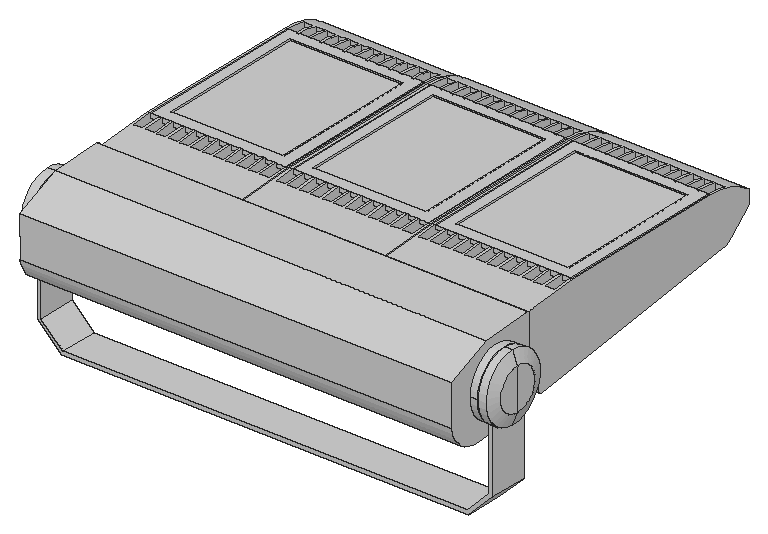
Revit family "0049119 Feilo Sylvania Lighting Fixture SYLVEO LED 20000LM WIDE 4K", category Lighting Fixtures, host Face, Revit 2017
Family settings
  Host = Face
  Round Connector Dimension = Use Diameter
  Part Type = Normal
  OmniClass Number = 23.80.70.00
  OmniClass Title = Lighting
  Cut with Voids When Loaded = No
  Light Source = No
  Shared = No
  Room Calculation Point = No
Parameters (values of type "0049119 SYLVEO LED 20000LM WIDE 4K")
  Weight = "11.472 kg"
  Wattage Comments = ""
  WarrantyStartDate [instance] = "n/a"
  WarrantyGuarantorParts = "n/a"
  WarrantyDurationUnit = "n/a"
  WarrantyDurationParts = "n/a"
  WarrantyDescription = "n/a"
  Voltage = 230 V
  URL = "http://www.sylvania-lighting.com"
  TypeName = "SYLVEO LED 20000LM WIDE 4K"
  TypeBody_FEILO = Sylveo Extra Large Body : 0049119 SYLVEO LED 20000LM WIDE 4K
  Type Image = <None>
  Type Comments = "n/a"
  TiltAngle_FEILO [instance] = 0.00°
  StartAngle_FEILO [instance] = EndAngle_FEILO + 180.00°  # 270.00°
  SerialNumber [instance] = "n/a"
  Material_3_FEILO = none
  PowerFactor = 0
  PowerConsumption = "200.5 W"
  NominalLength = 496 mm
  NominalHeight = 392 mm
  NominalDepth = 98 mm
  Name = "SYLVEO LED 20000LM WIDE 4K"
  ModelReference = Name  # "SYLVEO LED 20000LM WIDE 4K"
  ModelNumber = "0049119"
  Model = Name  # "SYLVEO LED 20000LM WIDE 4K"
  Material = "aluminium housing, glass diffuser"
  ManufacturerName = "Feilo Sylvania"
  Manufacturer = "Feilo Sylvania"
  LuminousEfficacy = "107.3 lm/W"
  LuminaireType = ""
  LightOutputRatio = "100"
  LampsType = Lamp  # "LED"
  LampNominalLuminous = "21514 lm"
  LampMacAdamStep = "6"
  LampColourTemperature = "4000 K"
  LampColourRenderingIndex = "70"
  Lamp = "LED"
  Keynote = "16500"
  InstallationDate [instance] = "n/a"
  InputVoltage = "100-240V~"
  InputNominalFrequency = "50 Hz"
  IngressProtection = "IP66"
  ImpactProtectionIndex = "IK08"
  IfcExportType = "IfcLightFixtureType"
  IfcExportAs = "IfcLightFixtureType"
  ExpectedLife = 50000
  EndAngle_FEILO [instance] = -TiltAngle_FEILO + 90.00°  # 90.00°
  ElectricShockClassification = "Class I"
  DurationUnit = "hours"
  DocumentationLiterature = "http://www.sylvania-lighting.com/product/en-int/products/0049119"
  DimmingControlOptions = "Non dimmable"
  Material_2_FEILO = none
  Description = "Exterior LED Floodlight, comes complete with a 1000mm cable and adjustable bracket, aluminium housing, clear glass diffuser, IP66, IK08, Class I, 4000K, Non-dimming, 21514lm, 201W, 107lm/W, 4800mA, CRI70, 52° beam angle, 50000hrs, (LxWxD) 98x496x392mm"
  Default Elevation = 1219.2 mm
  CreatedOn = "1/9/2018"
  CreatedBy = ""
  Cost = 0
  built-in parameter 1114216 [instance] = (empty or 0)
  ClassificationValue = "EF_70_80"
  ClassificationName = "Uniclass2015"
  Material_1_FEILO = Body-Sylvania-Sylveo
  BarCode [instance] = "n/a"
  AssetType = "Fixed"
  AssetIdentifier [instance] = "n/a"
  Assembly Code = "D5020200"
  Apparent Load = 200.5 VA
  Material_4_FEILO = none
Reference planes
  plane 1 "Center (Front/Back)": y = 0
  plane 2: z = 0
  plane 3 "Center (Left/Right)": x = 0
  plane 4: x = 248
  plane 5: x = -248
  plane 6: x = -243
  plane 7: x = 243
  plane 8: z = 121
  plane 9: z = 143
  plane 10: z = 99
  plane 11: z = 156
  plane 12: z = 86
  plane 13: x = -234
  plane 14: x = 234
  plane 15: z = 4
  plane 16: x = -238
  plane 17: x = 238
  plane 18: x = -213
  plane 19: x = 213
  plane 20: z = 25
  plane 21: y = 20
  plane 22: y = -20
Forms (mm)
  Revolve 1, solid, material "Body-Sylvania-Sylveo" <- "Material_1_FEILO"
    sketch origin (0, 0, 0) x (1, 0, 0) y (0, 0, 1)
      loop
        line (-234, 156) -> (-243, 156) -> (-248, 143) -> (-248, 121) -> (-234, 121) -> (-234, 156)
      loop
        line (234, 121) -> (248, 121) -> (248, 143) -> (243, 156) -> (234, 156) -> (234, 121)
      axis (-248, 121) -> (248, 121)
    angle from 360 to 0
  Extrusion 2, solid, material "Body-Sylvania-Sylveo" <- "Material_1_FEILO"
    sketch origin (0, 0, 0) x (1, 0, 0) y (0, 0, 1)
      loop
        line (213, 0) -> (238, 25) -> (238, 121) -> (234, 121) -> (234, 26.657) -> (211.343, 4) -> (-211.343, 4) -> (-234, 26.657) -> (-234, 121) -> (-238, 121) -> (-238, 25) -> (-213, 0) -> (213, 0)
    from -20 to 20
  Revolve 3, solid, not visible
    sketch origin (0, 0, 0) x (1, 0, 0) y (0, 0, 1)
      loop
        line (0, 143) -> (-50.437, 143) -> (-50.437, 121) -> (0, 121) -> (0, 143)
      axis (-50.437, 121) -> (0, 121)
    angle from 270 <- "StartAngle_FEILO" to 90 <- "EndAngle_FEILO"
Cuts and joins
  joined: Revolve 1, Extrusion 2
Dimensions and locks
  locked: plane 8 to plane 2 at 121
  equal spacing: plane 4, plane 3 "Center (Left/Right)", plane 5
  equal spacing: plane 7, plane 3 "Center (Left/Right)", plane 6
  locked: plane 6 to plane 5 at 5
  locked: plane 4 to plane 5 at 496
  equal spacing: plane 9, plane 8, plane 10
  locked: plane 9 to plane 10 at 44
  equal spacing: plane 11, plane 8, plane 12
  locked: plane 11 to plane 9 at 13
  equal spacing: plane 14, plane 3 "Center (Left/Right)", plane 13
  locked: plane 3 "Center (Left/Right)" to plane 13 at 234
  locked: plane 15 to plane 2 at 4
  equal spacing: plane 17, plane 3 "Center (Left/Right)", plane 16
  locked: plane 13 to plane 16 at 4
  locked: plane 20 to plane 2 at 25
  equal spacing: plane 19, plane 3 "Center (Left/Right)", plane 18
  locked: plane 18 to plane 16 at 25
  equal spacing: plane 22, plane 1 "Center (Front/Back)", plane 21
  locked: plane 22 to plane 21 at 40
  aligned and locked: plane 2 to host face
  aligned and locked: level to host face
  aligned and locked: plane 5 to Revolve 1 sketch curve  (x2)
  aligned and locked: Revolve 1 sketch curve to plane 13
  aligned and locked: plane 9 to Revolve 1 sketch curve  (x2)
  aligned and locked: plane 11 to Revolve 1 sketch curve
  aligned and locked: plane 6 to Revolve 1 sketch curve
  aligned and locked: plane 8 to Revolve 1 sketch curve  (x2)
  aligned and locked: plane 14 to Revolve 1 sketch curve
  aligned and locked: Revolve 1 sketch curve to plane 11
  aligned and locked: Revolve 1 sketch curve to plane 4
  aligned and locked: Revolve 1 sketch curve to Revolve 1 sketch curve  (x2)
  aligned and locked: plane 19 to Extrusion 2 sketch curve
  aligned and locked: level to Extrusion 2 sketch curve
  aligned and locked: plane 16 to Extrusion 2 sketch curve
  aligned and locked: plane 17 to Extrusion 2 sketch curve
  aligned and locked: Extrusion 2 sketch curve to plane 8
  aligned and locked: plane 8 to Extrusion 2 sketch curve
  aligned and locked: Extrusion 2 sketch curve to plane 14
  aligned and locked: Extrusion 2 sketch curve to plane 15
  aligned and locked: plane 13 to Extrusion 2 sketch curve
  aligned and locked: Extrusion 2 to plane 21
  aligned and locked: plane 22 to Extrusion 2
  aligned and locked: Revolve 3 sketch curve to plane 8  (x2)
  aligned and locked: plane 9 to Revolve 3 sketch curve
  aligned and locked: plane 3 "Center (Left/Right)" to Revolve 3 sketch curve
  aligned and locked: plane 3 "Center (Left/Right)" to nested 1
Automatic sketch dimensions
  host sketch curve to host sketch curve = 2438.4 mm  (x2)
  Revolve 1 sketch curve to plane 7 = 0 mm
  Revolve 1 sketch curve to plane 5 = 1276 mm
  plane 4 to Revolve 1 sketch curve = 1411.773 mm
  Extrusion 2 sketch curve to plane 18 = 0 mm
  Extrusion 2 sketch curve to plane 20 = 0 mm  (x2)
  plane 18 to Extrusion 2 sketch curve = 1.657 mm
  Extrusion 2 sketch curve to plane 19 = 1.657 mm
  Extrusion 2 sketch curve to plane 20 = 1.657 mm  (x2)
  Revolve 3 sketch curve to plane 3 "Center (Left/Right)" = 50.437 mm
  Revolve 3 sketch curve to plane 5 = 1276 mm
  plane 4 to Revolve 3 sketch curve = 1411.773 mm
Nested families
  nested 1: "Sylveo Extra Large Body" at (0, 0, 121), type <- "TypeBody_FEILO", type "0049119 SYLVEO LED 20000LM WIDE 4K"
    with WarrantyStartDate "n/a", SerialNumber "n/a", InstallationDate "n/a", built-in parameter 1114216 (empty or 0), BarCode "n/a", AssetIdentifier "n/a"
Connectors
  electrical at (0, 0, 0), driven by "Apparent Load", driven by "PowerFactor", driven by "Voltage"
    settings: index 1, voltage 230 V, apparent load 200.5 VA, apparent load phase1 0 VA, apparent load phase2 0 VA, apparent load phase3 0 VA, power factor 0, load classification "Lighting", number of poles 1, system type 30, power factor state 1, is connector primary yes, connector utility no, sub classification motor no, connector description ""
Definition of nested family "Sylveo Extra Large Body"
  Parameters (values of type "0049147 SYLVEO LED 20000LM RASYM 4K DALI ")
    Weight = "11.516 kg"
    Wattage Comments = ""
    Wattage = 202 W
    WarrantyStartDate [instance] = "n/a"
    WarrantyGuarantorParts = "n/a"
    WarrantyDurationUnit = "n/a"
    WarrantyDurationParts = "n/a"
    WarrantyDescription = "n/a"
    built-in parameter 1150110 = 1 (stored number, unit not read)
    Voltage = 230 V
    URL = "http://www.feilosylvania.com"
    TypeName = "SYLVEO LED 20000LM RASYM 4K DALI"
    Type Image = (empty or 0)
    Type Comments = "n/a"
    built-in parameter 1114217 = 1 (stored number, unit not read)
    Tilt Angle = -90.00°
    built-in parameter 1150109 = 1 (stored number, unit not read)
    built-in parameter 1150134 = 12
    built-in parameter 1150113 = 1 (stored number, unit not read)
    SerialNumber [instance] = "n/a"
    Photometric Web File = "0049147.ies"
    Material_3_FEILO = none
    PowerFactor = 0.95
    PowerConsumption = "202 W"
    NominalLength = 98 mm
    NominalHeight = 392 mm
    NominalDepth = 496 mm
    Name = "SYLVEO LED 20000LM RASYM 4K DALI"
    ModelReference = Name  # "SYLVEO LED 20000LM RASYM 4K DALI"
    ModelNumber = "0049147"
    Model = Name  # "SYLVEO LED 20000LM RASYM 4K DALI"
    Material = "aluminum housing, glass diffuser"
    ManufacturerName = "Feilo Sylvania"
    Manufacturer = "Feilo Sylvania"
    LuminousEfficacy = "106.6 lm/W"
    built-in parameter 1150105 = 11127.1 (stored number, unit not read)
    Lumens = 21533.2 lm
    LuminaireType = ""
    built-in parameter 1150115 = 1 (stored number, unit not read)
    LightOutputRatio = "1"
    built-in parameter 1150137 = (empty or 0)
    built-in parameter 1150139 = (empty or 0)
    LampsType = Lamp  # "LED"
    LampNominalLuminous = "21542 lm"
    LampMacAdamStep = "6"
    LampColourTemperature = "4000 K"
    LampColourRenderingIndex = "70"
    built-in parameter 1150112 = 1 (stored number, unit not read)
    built-in parameter 1150114 = 1 (stored number, unit not read)
    Lamp = "LED"
    Keynote = "16500"
    InstallationDate [instance] = "n/a"
    InputVoltage = "100-240V~"
    InputNominalFrequency = "50/60 Hz"
    built-in parameter 1150132 = (empty or 0)
    built-in parameter 1150102 = (empty or 0)
    built-in parameter 1150107 = 4000 (stored number, unit not read)
    built-in parameter 1150138 = (empty or 0)
    IngressProtection = "IP66"
    ImpactProtectionIndex = "IK08"
    built-in parameter 1150106 = 111.27 (stored number, unit not read)
    IfcExportType = "IfcLightFixtureType"
    IfcExportAs = "IfcLightFixtureType"
    ExpectedLife = 50000
    Emit from Rectangle Width = 156 mm
    Emit from Rectangle Length = 415.5 mm
    Emit Shape Visible in Rendering = no
    ElectricShockClassification = "Class I"
    built-in parameter 1150104 = 9.9035 (stored number, unit not read)
    DurationUnit = "hours"
    DocumentationLiterature = "http://www.feilosylvania.com/product/en-int/products/0049147"
    DimmingControlOptions = "Dimmable"
    Material_2_FEILO = none
    Dimming Lamp Color Temperature Shift = (empty or 0)
    Description = "Exterior LED floodlight, comes complete with a 1000mm cable and adjustable bracket, aluminium housing, clear glass diffuser, 21542lm, 201W, 107lm/W, 4000K, 5002mA, CRI70, 52°x117° beam angle, DALI dimmable, IP66, IK08, Class I, 50000hrs, (LxWxD) 98x496x392mm"
    Default Elevation = 1219.2 mm
    CreatedOn = "1/9/2018"
    CreatedBy = "aron.fodor@feilosylvania.com"
    Cost = 0
    Color Filter = 16777215
    built-in parameter 1114216 [instance] = (empty or 0)
    ClassificationValue = "EF_70_80"
    ClassificationName = "Uniclass2015"
    Material_1_FEILO = none
    BarCode [instance] = "n/a"
    built-in parameter 1114218 = 1 (stored number, unit not read)
    built-in parameter 1150133 = 10 (stored number, unit not read)
    AssetType = "Fixed"
    AssetIdentifier [instance] = "n/a"
    Assembly Code = "D5020200"
    Apparent Load = 202 VA
    Material_4_FEILO = none
  Types (9, lengths in mm): name | Weight | Wattage | TypeName | built-in parameter 1150134 | Photometric Web File | PowerFactor | PowerConsumption | NominalLength | NominalDepth | Name | ModelReference | ModelNumber | Model | Material | LuminousEfficacy | built-in parameter 1150105 | Lumens | LightOutputRatio | LampNominalLuminous | LampColourTemperature | InputNominalFrequency | built-in parameter 1150107 | built-in parameter 1150106 | built-in parameter 1150104 | DocumentationLiterature | DimmingControlOptions | Description | Apparent Load
    0049147 SYLVEO LED 20000LM RASYM 4K DALI | "11.516 kg" | 202 W | "SYLVEO LED 20000LM RASYM 4K DALI" | 12 | "0049147.ies" | 0.95 | "202 W" | 98 | 496 | "SYLVEO LED 20000LM RASYM 4K DALI" | "SYLVEO LED 20000LM RASYM 4K DALI" | "0049147" | "SYLVEO LED 20000LM RASYM 4K DALI" | "aluminum housing, glass diffuser" | "106.6 lm/W" | 11127.1 (stored number, unit not read) | 21533.2 lm | "1" | "21542 lm" | "4000 K" | "50/60 Hz" | 4000 (stored number, unit not read) | 111.27 (stored number, unit not read) | 9.9035 (stored number, unit not read) | "http://www.feilosylvania.com/product/en-int/products/0049147" | "Dimmable" | "Exterior LED floodlight, comes complete with a 1000mm cable and adjustable bracket, aluminium housing, clear glass diffuser, 21542lm, 201W, 107lm/W, 4000K, 5002mA, CRI70, 52°x117° beam angle, DALI dimmable, IP66, IK08, Class I, 50000hrs, (LxWxD) 98x496x392mm" | 202 VA
    0049146 SYLVEO LED 20000LM WIDE 4K DALI | "11.516 kg" | 200 W | "SYLVEO LED 20000LM WIDE 4K DALI" | 12 | "0049146.ies" | 0.95 | "200 W" | 98 | 496 | "SYLVEO LED 20000LM WIDE 4K DALI" | "SYLVEO LED 20000LM WIDE 4K DALI" | "0049146" | "SYLVEO LED 20000LM WIDE 4K DALI" | "aluminum housing, glass diffuser" | "106.4 lm/W" | 25856.7 (stored number, unit not read) | 21280 lm | "1" | "21281 lm" | "4000 K" | "50/60 Hz" | 4000 (stored number, unit not read) | 258.57 (stored number, unit not read) | 9.8849 (stored number, unit not read) | "http://www.feilosylvania.com/product/en-int/products/0049146" | "Dimmable" | "Exterior LED floodlight, comes complete with a 1000mm cable and adjustable bracket, aluminium housing, clear glass diffuser, 21281lm, 200W, 106lm/W, 4000K, 5002mA, CRI70, 52° beam angle, DALI dimmable, IP66, IK08, Class I, 50000hrs, (LxWxD) 98x496x392mm" | 200 VA
    0049145 SYLVEO LED 20000LM NAR 4K DALI | "11.516 kg" | 201 W | "SYLVEO LED 20000LM NAR 4K DALI" | 12 | "0049145.ies" | 0.95 | "201 W" | 98 | 496 | "SYLVEO LED 20000LM NAR 4K DALI" | "SYLVEO LED 20000LM NAR 4K DALI" | "0049145" | "SYLVEO LED 20000LM NAR 4K DALI" | "aluminum housing, glass diffuser" | "107.5 lm/W" | 50417.9 (stored number, unit not read) | 21607.5 lm | "1" | "21605 lm" | "4000 K" | "50/60 Hz" | 4000 (stored number, unit not read) | 504.18 (stored number, unit not read) | 9.9871 (stored number, unit not read) | "http://www.feilosylvania.com/product/en-int/products/0049145" | "Dimmable" | "Exterior LED floodlight, comes complete with a 1000mm cable and adjustable bracket, aluminium housing, clear glass diffuser, 21605lm, 201W, 108lm/W, 4000K, 5002mA, CRI70, 30° beam angle, DALI dimmable, IP66, IK08, Class I, 50000hrs, (LxWxD) 98x496x392mm" | 201 VA
    0049123 SYLVEO LED 20000LM RASYM 3K | "11.516 kg" | 201.3 W | "SYLVEO LED 20000LM RASYM 3K" | (empty or 0) | "0049123.ies" | 0 | "201.3 W" | 496 | 98 | "SYLVEO LED 20000LM RASYM 3K" | "SYLVEO LED 20000LM RASYM 3K" | "0049123" | "SYLVEO LED 20000LM RASYM 3K" | "aluminium housing, glass diffuser" | "102.5 lm/W" | 10660.6 (stored number, unit not read) | 20633.3 lm | "100" | "20639 lm" | "3000 K" | "50 Hz" | 3000 (stored number, unit not read) | 106.61 (stored number, unit not read) | 9.5226 (stored number, unit not read) | "http://www.feilosylvania.com/product/en-int/products/0049123" | "Non dimmable" | "Exterior LED Floodlight, comes complete with a 1000mm cable and adjustable bracket, aluminium housing, clear glass diffuser, IP66, IK08, Class I, 3000K, Non-dimming, 20639lm, 201W, 103lm/W, 4800mA, CRI70, 52°x117° beam angle, 50000hrs, (LxWxD) 98x496x392mm, Asmmetric" | 201.3 VA
    0049122 SYLVEO LED 20000LM WIDE 3K | "11.5 kg" | 201.3 W | "SYLVEO LED 20000LM WIDE 3K" | (empty or 0) | "0049122.ies" | 0 | "201.3 W" | 496 | 98 | "SYLVEO LED 20000LM WIDE 3K" | "SYLVEO LED 20000LM WIDE 3K" | "0049122" | "SYLVEO LED 20000LM WIDE 3K" | "aluminium housing, glass diffuser" | "102.5 lm/W" | 25192 (stored number, unit not read) | 20633.3 lm | "100" | "20633 lm" | "3000 K" | "50 Hz" | 3000 (stored number, unit not read) | 251.92 (stored number, unit not read) | 9.5226 (stored number, unit not read) | "http://www.feilosylvania.com/product/en-int/products/0049122" | "Non dimmable" | "Exterior LED Floodlight, comes complete with a 1000mm cable and adjustable bracket, aluminium housing, clear glass diffuser, IP66, IK08, Class I, 3000K, Non-dimming, 20633lm, 201W, 103lm/W, 4800mA, CRI70, 52° beam angle, 50000hrs, (LxWxD) 98x496x392mm" | 201.3 VA
    0049121 SYLVEO LED 20000LM NAR 3K | "11.552 kg" | 200.6 W | "SYLVEO LED 20000LM NAR 3K" | (empty or 0) | "0049121.ies" | 0 | "200.6 W" | 496 | 98 | "SYLVEO LED 20000LM NAR 3K" | "SYLVEO LED 20000LM NAR 3K" | "0049121" | "SYLVEO LED 20000LM NAR 3K" | "aluminium housing, glass diffuser" | "103.9 lm/W" | 50639 (stored number, unit not read) | 20842.3 lm | "100" | "20834 lm" | "3000 K" | "50 Hz" | 3000 (stored number, unit not read) | 506.39 (stored number, unit not read) | 9.6526 (stored number, unit not read) | "http://www.feilosylvania.com/product/en-int/products/0049121" | "Non dimmable" | "Exterior LED Floodlight, comes complete with a 1000mm cable and adjustable bracket, aluminium housing, clear glass diffuser, IP66, IK08, Class I, 3000K, Non-dimming, 20834lm, 201W, 104lm/W, 4800mA, CRI70, 30° beam angle, 50000hrs, (LxWxD) 98x496x392mm" | 200.6 VA
    0049120 SYLVEO LED 20000LM RASYM 4K | "11.318 kg" | 200.6 W | "SYLVEO LED 20000LM RASYM 4K" | 12 | "0049120.ies" | 0 | "200.6 W" | 496 | 98 | "SYLVEO LED 20000LM RASYM 4K" | "SYLVEO LED 20000LM RASYM 4K" | "0049120" | "SYLVEO LED 20000LM RASYM 4K" | "aluminium housing, glass diffuser" | "107.4 lm/W" | 11131.4 (stored number, unit not read) | 21544.4 lm | "100" | "21546 lm" | "4000 K" | "50 Hz" | 4000 (stored number, unit not read) | 111.31 (stored number, unit not read) | 9.9778 (stored number, unit not read) | "http://www.feilosylvania.com/product/en-int/products/0049120" | "Non dimmable" | "Exterior LED Floodlight, comes complete with a 1000mm cable and adjustable bracket, aluminium housing, clear glass diffuser, IP66, IK08, Class I, 4000K, Non-dimming, 21546lm, 201W, 107lm/W, 4800mA, CRI70, 52°x117° beam angle, 50000hrs, (LxWxD) 98x496x392mm" | 200.6 VA
    0049119 SYLVEO LED 20000LM WIDE 4K | "11.472 kg" | 200.5 W | "SYLVEO LED 20000LM WIDE 4K" | 12 | "0049119.ies" | 0 | "200.5 W" | 496 | 98 | "SYLVEO LED 20000LM WIDE 4K" | "SYLVEO LED 20000LM WIDE 4K" | "0049119" | "SYLVEO LED 20000LM WIDE 4K" | "aluminium housing, glass diffuser" | "107.3 lm/W" | 27146.8 (stored number, unit not read) | 21513.6 lm | "100" | "21514 lm" | "4000 K" | "50 Hz" | 4000 (stored number, unit not read) | 271.47 (stored number, unit not read) | 9.9685 (stored number, unit not read) | "http://www.feilosylvania.com/product/en-int/products/0049119" | "Non dimmable" | "Exterior LED Floodlight, comes complete with a 1000mm cable and adjustable bracket, aluminium housing, clear glass diffuser, IP66, IK08, Class I, 4000K, Non-dimming, 21514lm, 201W, 107lm/W, 4800mA, CRI70, 52° beam angle, 50000hrs, (LxWxD) 98x496x392mm" | 200.5 VA
    0049118 SYLVEO LED 20000LM NAR 4K | "11.496 kg" | 201.2 W | "SYLVEO LED 20000LM NAR 4K" | 12 | "0049118.ies" | 0 | "201.2 W" | 496 | 98 | "SYLVEO LED 20000LM NAR 4K" | "SYLVEO LED 20000LM NAR 4K" | "0049118" | "SYLVEO LED 20000LM NAR 4K" | "aluminium housing, glass diffuser" | "107.4 lm/W" | 52850.4 (stored number, unit not read) | 21608.9 lm | "100" | "21609 lm" | "4000 K" | "50 Hz" | 4000 (stored number, unit not read) | 528.5 (stored number, unit not read) | 9.9778 (stored number, unit not read) | "http://www.feilosylvania.com/product/en-int/products/0049118" | "Non dimmable" | "Exterior LED Floodlight, comes complete with a 1000mm cable and adjustable bracket, aluminium housing, clear glass diffuser, IP66, IK08, Class I, 4000K, Non-dimming, 21609lm, 201W, 107lm/W, 4000K, 4800mA, CRI70, 30° beam angle, 50000hrs, (LxWxD) 98x496x392mm" | 201.2 VA
  Reference planes
    plane 1 "Center (Front/Back)": y = 0
    plane 2: z = 0
    plane 3 "Center (Left/Right)": x = 0
    plane 4: x = 248
    plane 5: x = -248
    plane 6: x = 225.5
    plane 7: x = -225.5
    plane 8: y = 35
    plane 9: x = -234
    plane 10: x = 234
    plane 11: y = 43
    plane 12: y = -12
    plane 13: y = -58
    plane 14: z = 46
    plane 15: z = 43
    plane 16: z = 23
    plane 17: z = -20
    plane 18: y = -23
    plane 19: z = -40
    plane 20: z = -47
    plane 21: x = -149
    plane 22: x = 149
  Forms (mm)
    Extrusion 1, solid
      sketch origin (4.2, 0, 0) x (1, 0, 0) y (0, 1, 0)
        loop
          line (-1219.2, 1219.2) -> (-1219.2, -1219.2) -> (1219.2, -1219.2) -> (1219.2, 1219.2) -> (-1219.2, 1219.2)
      from 0 to -68.017
    Extrusion 2, solid, material <- "Material_1_FEILO"
      sketch origin (0, 0, 0) x (0, 1, 0) y (0, 0, 1)
        loop
          line (41.418, 45.914) -> (-12, 43)
          arc (-12, 43) -> (-35.432, 33.994) -> (-58, 23) r 290.694
          line (-58, 23) -> (-58, -20)
          arc (-58, -20) -> (-45.914, -40.518) -> (-23, -47) r 31.99
          line (-23, -47) -> (40.738, -40.24)
          arc (40.738, -40.24) -> (42.351, -39.416) -> (43, -37.725) r 2.529
          line (43, -37.725) -> (43, 44.416)
          arc (43, 44.416) -> (42.531, 45.505) -> (41.418, 45.914) r 1.5
      from -225.5 to 225.5
    Revolve 3, solid, material <- "Material_1_FEILO"
      sketch origin (0, 0, 0) x (1, 0, 0) y (0, 1, 0)
        loop
          line (-234, 35) -> (-234, 0) -> (-225.5, 0) -> (-225.5, 35) -> (-234, 35)
        loop
          line (234, 0) -> (234, 35) -> (225.5, 35) -> (225.5, 0) -> (234, 0)
        axis (234, 0) -> (-234, 0)
      angle from 360 to 0
  Cuts and joins
    joined: Extrusion 2, Revolve 3
  Dimensions and locks
    equal spacing: plane 5, plane 3 "Center (Left/Right)", plane 4
    locked: plane 5 to plane 4 at 496
    equal spacing: plane 7, plane 3 "Center (Left/Right)", plane 6
    locked: plane 5 to plane 7 at 22.5
    plane 1 "Center (Front/Back)" to plane 8 = 35 mm
    equal spacing: plane 9, plane 3 "Center (Left/Right)", plane 10
    locked: plane 9 to plane 10 at 468
    plane 13 to plane 18 to plane 12 to plane 1 "Center (Front/Back)" to plane 8 to plane 11 = 35 mm locked, 11 mm locked, 12 mm locked, 35 mm locked, 8 mm locked
    plane 14 to plane 15 to plane 16 to plane 2 to plane 17 to plane 19 = 3 mm locked, 20 mm locked, 23 mm locked, 20 mm locked, 20 mm locked
    locked: plane 20 to plane 19 at 7
    equal spacing: plane 21, plane 3 "Center (Left/Right)", plane 22
    locked: plane 21 to plane 3 "Center (Left/Right)" at 149
    aligned and locked: plane 2 to Extrusion 1
    aligned and locked: level to Extrusion 1
    aligned and locked: Extrusion 2 sketch curve to plane 11
    aligned and locked: plane 13 to Extrusion 2 sketch curve
    aligned and locked: plane 6 to Extrusion 2
    aligned and locked: Extrusion 2 to plane 7
    aligned and locked: plane 8 to Revolve 3 sketch curve  (x2)
    aligned and locked: plane 9 to Revolve 3 sketch curve
    aligned and locked: Revolve 3 sketch curve to plane 1 "Center (Front/Back)"  (x3)
    aligned and locked: Revolve 3 sketch curve to plane 7
    aligned and locked: Revolve 3 sketch curve to plane 10
    aligned and locked: plane 6 to Revolve 3 sketch curve
    aligned and locked: plane 2 to nested 1
    aligned and locked: plane 3 "Center (Left/Right)" to nested 1
    aligned and locked: plane 21 to nested 3
    aligned and locked: plane 22 to nested 2
    aligned and locked: plane 2 to nested 2
    aligned and locked: plane 2 to nested 3
    aligned and locked: imposter light to nested 2
    aligned and locked: imposter light to nested 1
    aligned and locked: imposter light to plane 3 "Center (Left/Right)"
  Automatic sketch dimensions
    Extrusion 1 sketch curve to Extrusion 1 sketch curve = 2438.4 mm  (x2)
    Extrusion 2 sketch curve to plane 18 = 0 mm
    Extrusion 2 sketch curve to plane 12 = 0 mm
    plane 20 to Extrusion 2 sketch curve = 0 mm
    plane 17 to Extrusion 2 sketch curve = 0 mm
    plane 16 to Extrusion 2 sketch curve = 0 mm
    plane 15 to Extrusion 2 sketch curve = 0 mm
    plane 18 to Extrusion 2 sketch curve = 3.374 mm
    Extrusion 2 sketch curve to Extrusion 2 sketch curve = 2.529 mm
    plane 19 to Extrusion 2 sketch curve = 0.24 mm
    plane 11 to Extrusion 2 sketch curve = 2.262 mm
    plane 14 to Extrusion 2 sketch curve = 0.086 mm
    plane 11 to Extrusion 2 sketch curve = 1.582 mm
    Extrusion 2 sketch curve to plane 15 = 1.416 mm
    Extrusion 2 sketch curve to plane 11 = 37.475 mm
    Revolve 3 sketch curve to plane 5 = 1276 mm
    plane 4 to Revolve 3 sketch curve = 1276 mm
  Nested families
    nested 1: "Sylveo Extra Large Screen Module" at (0, 43, 48) x (1, 0, 0) z (0, 1, 0), type "Type Name"
    nested 2: "Sylveo Extra Large Screen Module" at (149, 43, 48) x (1, 0, 0) z (0, 1, 0), type "Type Name"
    nested 3: "Sylveo Extra Large Screen Module" at (-149, 43, 48) x (1, 0, 0) z (0, 1, 0), type "Type Name"
  Definition of nested family "Sylveo Extra Large Screen Module"
    Parameters (values of type "Type Name")
      URL = "http://www.feilosylvania.com"
      Type Image = (empty or 0)
      Type Comments = "n/a"
      Material_3_FEILO = none
      Model = ""
      Manufacturer = "Feilo Sylvania"
      Keynote = ""
      Material_2_FEILO = none
      Description = ""
      Default Elevation = 1219.2 mm
      Cost = 0
      Material_1_FEILO = none
      Assembly Code = ""
      Material_4_FEILO = none
    Reference planes
      plane 1 "Center (Front/Back)": y = 0
      plane 2: z = 0
      plane 3 "Center (Left/Right)": x = 0
      plane 4: x = 73.5
      plane 5: x = -73.5
      plane 6: z = 290
      plane 7: z = 262.5
      plane 8: z = 241.5
      plane 9: z = 229.5
      plane 10: x = -71
      plane 11: x = 71
      plane 12: x = -59
      plane 13: x = 59
      plane 14: z = 61.5
      plane 15: z = 73.5
      plane 16: y = 16
      plane 17: y = 31
      plane 18: y = 56
      plane 19: y = 88
      plane 20: z = 16
      plane 21: z = 6
      plane 22: y = 4
      plane 23: x = -61.5
      plane 24: x = -49.5
      plane 25: x = -47
      plane 26: x = -37.5
      plane 27: x = -35
      plane 28: x = -25.5
      plane 29: x = -23
      plane 30: x = -13.5
      plane 31: x = -11
      plane 32: x = -1.5
      plane 33: x = 1
      plane 34: x = 10.5
      plane 35: x = 13
      plane 36: x = 22.5
      plane 37: x = 25
      plane 38: x = 34.5
      plane 39: x = 37
      plane 40: x = 46.5
      plane 41: x = 49
      plane 42: x = 58.5
      plane 43: x = 61
      plane 44: z = 40.5
      plane 45: y = 92
      plane 46: y = 48
      plane 47: z = 30.5
      plane 48: y = 1
      plane 49: z = 151.5
    Forms (mm)
      Extrusion 1, solid
        sketch origin (4.2, 0, 0) x (1, 0, 0) y (0, 1, 0)
          loop
            line (-1219.2, 1219.2) -> (-1219.2, -1219.2) -> (1219.2, -1219.2) -> (1219.2, 1219.2) -> (-1219.2, 1219.2)
        from 0 to -68.017
      Extrusion 2, solid, material <- "Material_1_FEILO", detail levels medium+fine
        sketch origin (0, 0, 0) x (0, 1, 0) y (0, 0, 1)
          loop
            line (0, 241.5) -> (0, 61.5) -> (4, 0) -> (88, 0) -> (88, 5)
            arc (88, 5) -> (87.707, 5.707) -> (87, 6) r 1
            line (87, 6) -> (58, 6)
            arc (58, 6) -> (56.586, 6.586) -> (56, 8) r 2
            line (56, 8) -> (56, 14)
            arc (56, 14) -> (56.586, 15.414) -> (58, 16) r 2
            line (58, 16) -> (82.836, 16)
            arc (82.836, 16) -> (86.711, 17.379) -> (88.136, 21.237) r 4.853
            arc (88.136, 21.237) -> (75.429, 138.984) -> (57.18, 256.001) r 2509.59
            arc (57.18, 256.001) -> (55.179, 262.077) -> (51.577, 267.365) r 22.945
            line (51.577, 267.365) -> (31, 290) -> (16, 290)
            arc (16, 290) -> (4.103, 267.036) -> (0, 241.5) r 81.508
        from -73.5 to 73.5
      Extrusion 3, void
        sketch origin (0, 0, 0) x (1, 0, 0) y (0, 0, 1)
          loop
            line (-71, 262.5) -> (-71, 40.5) -> (-61.5, 40.5) -> (-61.5, 262.5) -> (-71, 262.5)
          loop
            line (-59, 262.5) -> (-59, 40.5) -> (-49.5, 40.5) -> (-49.5, 262.5) -> (-59, 262.5)
          loop
            line (-47, 262.5) -> (-47, 40.5) -> (-37.5, 40.5) -> (-37.5, 262.5) -> (-47, 262.5)
          loop
            line (-35, 262.5) -> (-35, 40.5) -> (-25.5, 40.5) -> (-25.5, 262.5) -> (-35, 262.5)
          loop
            line (-23, 262.5) -> (-23, 40.5) -> (-13.5, 40.5) -> (-13.5, 262.5) -> (-23, 262.5)
          loop
            line (-11, 262.5) -> (-11, 40.5) -> (-1.5, 40.5) -> (-1.5, 262.5) -> (-11, 262.5)
          loop
            line (1, 262.5) -> (1, 40.5) -> (10.5, 40.5) -> (10.5, 262.5) -> (1, 262.5)
          loop
            line (13, 262.5) -> (13, 40.5) -> (22.5, 40.5) -> (22.5, 262.5) -> (13, 262.5)
          loop
            line (25, 262.5) -> (25, 40.5) -> (34.5, 40.5) -> (34.5, 262.5) -> (25, 262.5)
          loop
            line (37, 262.5) -> (37, 40.5) -> (46.5, 40.5) -> (46.5, 262.5) -> (37, 262.5)
          loop
            line (49, 262.5) -> (49, 40.5) -> (58.5, 40.5) -> (58.5, 262.5) -> (49, 262.5)
          loop
            line (61, 262.5) -> (61, 40.5) -> (71, 40.5) -> (71, 262.5) -> (61, 262.5)
        from -88 to 0
      Extrusion 4, void
        sketch origin (0, 0, 0) x (0, 1, 0) y (0, 0, 1)
          loop
            line (83.385, 40.5) -> (48, 40.5) -> (48, 6) -> (92, 6) -> (92, 43.121) -> (85.747, 43.121)
            arc (85.747, 43.121) -> (85.149, 41.285) -> (83.385, 40.5) r 2.374
        from -71 to 71
      Extrusion 5, solid, material <- "Material_1_FEILO", detail levels coarse
        sketch origin (0, 0, 0) x (0, 1, 0) y (0, 0, 1)
          loop
            line (51.577, 267.365) -> (31, 290) -> (16, 290)
            arc (16, 290) -> (4.103, 267.036) -> (0, 241.5) r 81.508
            line (0, 241.5) -> (0, 61.5) -> (4, 0) -> (88, 0) -> (88, 5)
            arc (88, 5) -> (87.707, 5.707) -> (87, 6) r 1
            line (87, 6) -> (58, 6)
            arc (58, 6) -> (56.586, 6.586) -> (56, 8) r 2
            line (56, 8) -> (56, 14)
            arc (56, 14) -> (56.586, 15.414) -> (58, 16) r 2
            line (58, 16) -> (82.836, 16)
            arc (82.836, 16) -> (86.711, 17.379) -> (88.136, 21.237) r 4.853
            arc (88.136, 21.237) -> (75.429, 138.984) -> (57.18, 256.001) r 2509.59
            arc (57.18, 256.001) -> (55.179, 262.077) -> (51.577, 267.365) r 22.945
        from -73.5 to 73.5
      Extrusion 6, void
        sketch origin (0, 0, 0) x (1, 0, 0) y (0, 0, 1)
          loop
            line (-71, 241.5) -> (-71, 61.5) -> (71, 61.5) -> (71, 241.5) -> (-71, 241.5)
        from 0 to -4
      Extrusion 7, solid, material <- "Material_1_FEILO"
        sketch origin (0, 0, 0) x (1, 0, 0) y (0, 0, 1)
          loop
            line (-71, 241.5) -> (-71, 61.5) -> (71, 61.5) -> (71, 241.5) -> (-71, 241.5)
          loop
            line (-59, 229.5) -> (-59, 73.5) -> (58.5, 73.5) -> (58.5, 229.5) -> (-59, 229.5)
        from -4 to 0
      Extrusion 8, solid, material <- "Material_2_FEILO"
        sketch origin (0, 0, 0) x (1, 0, 0) y (0, 0, 1)
          loop
            line (-59, 229.5) -> (-59, 73.5) -> (58.5, 73.5) -> (58.5, 229.5) -> (-59, 229.5)
        from -1 to -4
    Cuts and joins
      Extrusion 3, Extrusion 4, Extrusion 6 cuts Extrusion 2
      Extrusion 4, Extrusion 6 cuts Extrusion 5
    Dimensions and locks
      plane 1 "Center (Front/Back)" to plane 16 to plane 17 to plane 18 to plane 19 = 16 mm locked, 15 mm locked, 25 mm locked, 32 mm locked
      plane 7 to plane 8 to plane 9 to plane 15 to plane 14 to plane 20 to plane 21 to plane 2 = 21 mm locked, 12 mm locked, 156 mm locked, 12 mm locked, 45.5 mm locked, 10 mm locked, 6 mm locked
      locked: plane 1 "Center (Front/Back)" to plane 22 at 4
      equal spacing: plane 4, plane 3 "Center (Left/Right)", plane 5
      locked: plane 4 to plane 5 at 147
      plane 11 to plane 43 to plane 42 to plane 41 to plane 40 to plane 39 to plane 38 to plane 37 to plane 36 to plane 35 to plane 34 to plane 33 to plane 32 to plane 31 to plane 30 to plane 29 to plane 28 to plane 27 to plane 26 to plane 25 to plane 24 to plane 12 to plane 23 to plane 10 to plane 5 = 10 mm locked, 2.5 mm locked, 9.5 mm locked, 2.5 mm locked, 9.5 mm locked, 2.5 mm locked, 9.5 mm locked, 2.5 mm locked, 9.5 mm locked, 2.5 mm locked, 9.5 mm locked, 2.5 mm locked, 9.5 mm locked, 2.5 mm locked, 9.5 mm locked, 2.5 mm locked, 9.5 mm locked, 2.5 mm locked, 9.5 mm locked, 2.5 mm locked, 9.5 mm locked, 2.5 mm locked, 9.5 mm locked, 2.5 mm locked
      plane 6 to plane 2 = 290 mm
      plane 6 to plane 7 = 27.5 mm
      plane 7 to plane 8 = 21 mm
      plane 8 to plane 9 = 12 mm
      plane 8 to plane 14 = 180 mm
      plane 15 to plane 14 = 12 mm
      locked: plane 14 to plane 44 at 21
      locked: plane 19 to plane 45 at 4
      locked: plane 46 to plane 18 at 8
      locked: plane 20 to plane 47 at 14.5
      locked: plane 1 "Center (Front/Back)" to plane 48 at 1
      equal spacing: plane 9, plane 49, plane 15
      aligned and locked: plane 2 to Extrusion 1
      aligned and locked: level to Extrusion 1
      aligned and locked: plane 1 "Center (Front/Back)" to Extrusion 2 sketch curve  (x2)
      aligned and locked: plane 16 to Extrusion 2 sketch curve
      aligned and locked: plane 6 to Extrusion 2 sketch curve  (x2)
      aligned and locked: plane 17 to Extrusion 2 sketch curve
      aligned and locked: plane 20 to Extrusion 2 sketch curve
      aligned and locked: Extrusion 2 sketch curve to plane 18
      aligned and locked: Extrusion 2 sketch curve to plane 21
      aligned and locked: Extrusion 2 sketch curve to plane 19
      aligned and locked: Extrusion 2 sketch curve to plane 2
      aligned and locked: plane 22 to Extrusion 2 sketch curve
      aligned and locked: plane 14 to Extrusion 2 sketch curve
      aligned and locked: Extrusion 2 to plane 5
      aligned and locked: plane 7 to Extrusion 3 sketch curve  (x12)
      aligned and locked: plane 10 to Extrusion 3 sketch curve
      aligned and locked: Extrusion 3 sketch curve to plane 44  (x12)
      aligned and locked: Extrusion 3 sketch curve to plane 23
      aligned and locked: plane 12 to Extrusion 3 sketch curve
      aligned and locked: Extrusion 3 sketch curve to plane 24
      aligned and locked: plane 25 to Extrusion 3 sketch curve
      aligned and locked: Extrusion 3 sketch curve to plane 26
      aligned and locked: plane 27 to Extrusion 3 sketch curve
      aligned and locked: Extrusion 3 sketch curve to plane 28
      aligned and locked: plane 29 to Extrusion 3 sketch curve
      aligned and locked: Extrusion 3 sketch curve to plane 30
      aligned and locked: plane 31 to Extrusion 3 sketch curve
      aligned and locked: Extrusion 3 sketch curve to plane 32
      aligned and locked: Extrusion 3 sketch curve to plane 34
      aligned and locked: plane 33 to Extrusion 3 sketch curve
      aligned and locked: plane 35 to Extrusion 3 sketch curve
      aligned and locked: Extrusion 3 sketch curve to plane 36
      aligned and locked: plane 37 to Extrusion 3 sketch curve
      aligned and locked: Extrusion 3 sketch curve to plane 38
      aligned and locked: plane 39 to Extrusion 3 sketch curve
      aligned and locked: Extrusion 3 sketch curve to plane 40
      aligned and locked: plane 41 to Extrusion 3 sketch curve
      aligned and locked: Extrusion 3 sketch curve to plane 42
      aligned and locked: plane 43 to Extrusion 3 sketch curve
      aligned and locked: Extrusion 3 sketch curve to plane 11
      aligned and locked: Extrusion 3 to plane 19
      aligned and locked: plane 1 "Center (Front/Back)" to Extrusion 3
      aligned and locked: Extrusion 4 sketch curve to plane 44
      aligned and locked: plane 21 to Extrusion 4 sketch curve
      aligned and locked: Extrusion 4 sketch curve to plane 45
      aligned and locked: Extrusion 4 to plane 10
      aligned and locked: plane 11 to Extrusion 4
      aligned and locked: plane 46 to Extrusion 4 sketch curve
      aligned and locked: Extrusion 5 sketch curve to cut or joined group of Extrusion 2, Extrusion 3, Extrusion 4, Extrusion 6  (x9)
      aligned and locked: plane 4 to Extrusion 5
      aligned and locked: Extrusion 5 to plane 5
      aligned and locked: Extrusion 6 to plane 22
      aligned and locked: plane 1 "Center (Front/Back)" to Extrusion 6
      aligned and locked: Extrusion 7 sketch curve to cut or joined group of Extrusion 4, Extrusion 5, Extrusion 6  (x2)
      aligned and locked: Extrusion 7 sketch curve to cut or joined group of Extrusion 2, Extrusion 3, Extrusion 4, Extrusion 6  (x2)
      aligned and locked: plane 9 to Extrusion 7 sketch curve
      aligned and locked: Extrusion 7 sketch curve to plane 15
      aligned and locked: Extrusion 7 sketch curve to plane 42
      aligned and locked: plane 1 "Center (Front/Back)" to Extrusion 7
      aligned and locked: Extrusion 7 to plane 22
      aligned and locked: Extrusion 8 sketch curve to Extrusion 7  (x4)
      aligned and locked: Extrusion 8 to plane 22
      aligned and locked: plane 48 to Extrusion 8
    Automatic sketch dimensions
      Extrusion 1 sketch curve to Extrusion 1 sketch curve = 2438.4 mm  (x2)
      plane 8 to Extrusion 2 sketch curve = 0 mm
      Extrusion 2 sketch curve to level = 189.095 mm
      plane 1 "Center (Front/Back)" to Extrusion 2 sketch curve = 2412.624 mm
      Extrusion 2 sketch curve to plane 17 = 3.599 mm
      plane 18 to Extrusion 2 sketch curve = 4.423 mm
      Extrusion 2 sketch curve to Extrusion 2 sketch curve = 2 mm
      Extrusion 2 sketch curve to plane 18 = 2 mm
      plane 19 to Extrusion 2 sketch curve = 5.164 mm
      plane 19 to Extrusion 2 sketch curve = 4.699 mm
      Extrusion 2 sketch curve to Extrusion 2 sketch curve = 1 mm
      Extrusion 2 sketch curve to plane 20 = 4.831 mm
      Extrusion 2 sketch curve to plane 8 = 10.431 mm
      Extrusion 2 sketch curve to plane 7 = 4.865 mm
      Extrusion 2 sketch curve to Extrusion 2 sketch curve = 0 mm
      plane 19 to Extrusion 4 sketch curve = 4.615 mm
      plane 19 to Extrusion 4 sketch curve = 2.253 mm
      Extrusion 4 sketch curve to Extrusion 4 sketch curve = 2.374 mm
      Extrusion 5 sketch curve to level = 0 mm
      Extrusion 5 sketch curve to plane 22 = 0 mm
      plane 14 to Extrusion 5 sketch curve = 0 mm
      Extrusion 5 sketch curve to plane 46 = 3.577 mm
      Extrusion 5 sketch curve to plane 17 = 0 mm
      Extrusion 6 sketch curve to plane 10 = 0 mm
      Extrusion 6 sketch curve to plane 11 = 0 mm
      Extrusion 6 sketch curve to plane 14 = 0 mm
      Extrusion 6 sketch curve to plane 8 = 0 mm
      Extrusion 7 sketch curve to plane 12 = 0 mm
